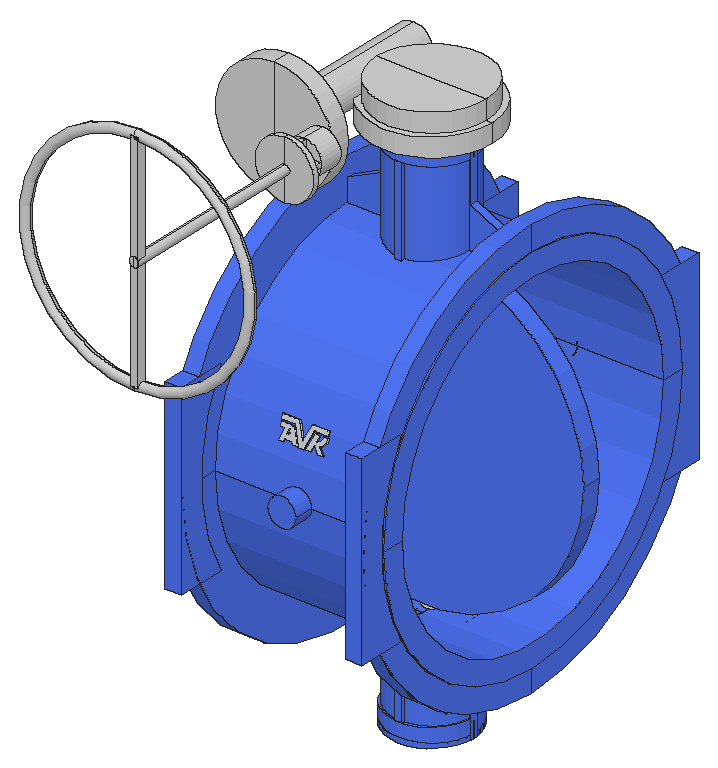
Revit family "756-122-143-DN700-1200", category Pipe Accessories, Revit 2019
Family settings
  Round Connector Dimension = Use Diameter
  Part Type = Valve - Breaks Into
  Work Plane-Based = No
  Always vertical = Yes
  Cut with Voids When Loaded = No
  Shared = No
Parameters (values of type "DN0700_PN10")
  W5 = size_lookup(Search_table, "W5", 0.00 mm, DN)  # 1191.00 mm
  W2_ref = size_lookup(Search_table, "W2_Ref", 0.00 mm, DN)  # 125.00 mm
  W2_Ref_2 = W2_ref / 2  # 62.50 mm
  Rib_dia = size_lookup(Search_table, "Rib_Dia", 0.00 mm, DN) / 2  # 37.50 mm
  Offset = size_lookup(Search_table, "Offset", 0.00 mm, DN)  # 3.00 mm
  HW_Height = W5 - (HW_Dia / 2)  # 1181.00 mm
  HW_Dia = 20.00 mm  # constant formula
  HW_Connecting rod ref = D * 2  # 480.00 mm
  GB_Width_Ref = if(DN > 599.00 mm, L / 3, if(DN > 149.00 mm, GB_Width, GB_Width))  # 143.333 mm
  GB_Width_3 = size_lookup(Search_table, "GB_Width", 0.00 mm, DN) / 2  # 130.00 mm
  GB_HW = size_lookup(Search_table, "GB_HW", 0.00 mm, DN) / 2  # 95.00 mm
  Disc_width = if(DN > 999.00 mm, 50.00 mm, if(DN > 699.00 mm, 40.00 mm, if(DN > 499.00 mm, 35.00 mm, if(DN > 399.00 mm, 25.00 mm, if(DN > 349.00 mm, 20.00 mm, if(DN > 249.00 mm, 15.00 mm, if(DN > 149.00 mm, 10.00 mm, 10.00 mm)))))))  # 40.00 mm
  Disc_Dia = size_lookup(Search_table, "Disc_Dia", 0.00 mm, DN)  # 684.00 mm
  DN1000-PN16 = "756-1000-1-1402200048"
  DN1000-PN10 = "756-1000-1-0402200048"
  DN900-PN16 = "756-0900-1-1402200048"
  DN1200-PN16 = "756-1200-1-1402200048"
  DN1200-PN10 = "756-1200-1-0402200048"
  D = (size_lookup(Search_table, "D", 0.00 mm, DN) / 2) - (HW_Dia / 2)  # 240.00 mm
  C_Rod = if(DN > 999.00 mm, 48.00 mm, if(DN > 699.00 mm, 38.00 mm, if(DN > 499.00 mm, 33.00 mm, if(DN > 399.00 mm, 23.00 mm, if(DN > 349.00 mm, 18.00 mm, if(DN > 249.00 mm, 13.00 mm, if(DN > 149.00 mm, 9.00 mm, 9.00 mm)))))))  # 38.00 mm
  C = size_lookup(Search_table, "C", 0.00 mm, DN)  # 255.00 mm
  W4 = size_lookup(Search_table, "W4", 0.00 mm, DN)  # 537.00 mm
  W3 = size_lookup(Search_table, "W3", 0.00 mm, DN)  # 527.00 mm
  W2 = size_lookup(Search_table, "W2", 0.00 mm, DN)  # 846.00 mm
  W1 = size_lookup(Search_table, "W1", 0.00 mm, DN)  # 448.00 mm
  URL_product_pages = "https://www.avkvalves.com/P.aspx?no=756070010402200048"
  Rib_width_2 = Gear_box_Mount_Flange_width * 2  # 180.00 mm
  Rib_width = L - (Flange_Thickness * 2)  # 350.00 mm
  Rib_height_2 = H1 - Flange_OD  # 127.75 mm
  Rib_depth = if(DN > 149.00 mm, 15.00 mm, if(DN > 299.00 mm, 15.00 mm, if(DN > 399.00 mm, 20.00 mm, 20.00 mm)))  # 15.00 mm
  Rib_height = Flange_OD / 1.1  # 406.818 mm
  Rf_Dia = size_lookup(Search_table, "RF_Dia", 0.00 mm, DN) / 2  # 397.00 mm
  RF_Cut_Thickness = 5.00 mm  # constant formula
  Pin_width = L / 2  # 215.00 mm
  Pin_dia = 60.00 mm
  Pin_Depth = (DN + size_lookup(Search_table, "Flange_OD", 0.00 mm, DN)) / 2  # 797.50 mm
  L2 = size_lookup(Search_table, "L2", 0.00 mm, DN)  # 130.00 mm
  L1 = size_lookup(Search_table, "L1", 0.00 mm, DN)  # 124.00 mm
  L = size_lookup(Search_table, "L", 0.00 mm, DN)  # 430.00 mm
  ID (Radius) = DN / 2  # 350.00 mm
  H3 = size_lookup(Search_table, "H3", 0.00 mm, DN)  # 566.00 mm
  H2 = size_lookup(Search_table, "H2", 0.00 mm, DN)  # 565.00 mm
  H1 = B - GB_Dia  # 575.25 mm
  Gear_box_depth = A - Body_wallthickness - 25.00 mm  # 307.00 mm
  GB_Width_2 = GB_Width_3 * 0.9  # 117.00 mm
  GB_Width = C - L / 2  # 40.00 mm
  GB_Flange = 5.00 mm  # constant formula
  GB_Dia = size_lookup(Search_table, "GB_Dia", 0.00 mm, DN) / 2  # 39.75 mm
  Flange_Thickness = size_lookup(Search_table, "Flange_Thickness", 0.00 mm, DN)  # 40.00 mm
  Flange_OD = size_lookup(Search_table, "Flange_OD", 0.00 mm, DN) / 2  # 447.50 mm
  Description_ = "AVK DOUBLE ECC. BUTTERFLY VALVE, LONG"
  DN = 700.00 mm
  Search_table = "756-122-143-DN700-1200"
  Disk_2 = size_lookup(Search_table, "Disk_2", 0.00 mm, DN)  # 25.00 mm
  Disk_1 = size_lookup(Search_table, "Disk_1", 0.00 mm, DN)  # 25.00 mm
  DN900_PN10 = "756-0900-1-0402200048"
  DN800_PN10 = "756-0800-1-0402200048"
  DN800_PN16 = "756-0800-1-1402200048"
  DN700_PN16 = "756-0700-1-1402200048"
  DN700_PN10 = "756-0700-1-0402200048"
  D1 = size_lookup(Search_table, "D1", 0.00 mm, DN) / 2  # 10.00 mm
  Bottom_width = size_lookup(Search_table, "Bottom_width", 0.00 mm, DN)  # 395.00 mm
  Bottom_Depth = DN * 1.5  # 1050.00 mm
  Gear_box_Mount_width = size_lookup(Search_table, "Gear_box_Mount_width", 0.00 mm, DN) / 2  # 85.00 mm
  Gear_box_Mount_Flange_width = size_lookup(Search_table, "Gear_box_Mount_Flange_width", 0.00 mm, DN) / 2  # 90.00 mm
  Body_wallthickness = 10.00 mm  # constant formula
  B = size_lookup(Search_table, "B", 0.00 mm, DN)  # 615.00 mm
  A2 = A / 1.7  # 201.176 mm
  A = size_lookup(Search_table, "A", 0.00 mm, DN)  # 342.00 mm
Types (11, lengths in mm): name | W5 | W2_ref | W2_Ref_2 | Rib_dia | HW_Height | GB_Width_Ref | GB_Width_3 | GB_HW | Disc_width | Disc_Dia | C_Rod | C | W4 | W3 | W2 | W1 | Rib_width_2 | Rib_width | Rib_height_2 | Rib_height | Rf_Dia | Pin_width | Pin_Depth | L2 | L1 | L | ID (Radius) | H3 | H2 | H1 | Gear_box_depth | GB_Width_2 | GB_Width | GB_Dia | Flange_Thickness | Flange_OD | DN | Bottom_width | Bottom_Depth | Gear_box_Mount_width | Gear_box_Mount_Flange_width | B | A2 | A
  (no name) | 1191.00 | 125.00 | 62.50 | 37.50 | 1181.00 | 143.333 | 130.00 | 95.00 | 40.00 | 684.00 | 38.00 | 255.00 | 537.00 | 527.00 | 846.00 | 448.00 | 180.00 | 350.00 | 127.75 | 406.818 | 397.00 | 215.00 | 797.50 | 130.00 | 124.00 | 430.00 | 350.00 | 566.00 | 565.00 | 575.25 | 307.00 | 117.00 | 40.00 | 39.75 | 40.00 | 447.50 | 700.00 | 395.00 | 1050.00 | 85.00 | 90.00 | 615.00 | 201.176 | 342.00
  DN0700_PN16 | 1205.00 | 125.00 | 62.50 | 37.50 | 1195.00 | 143.333 | 130.00 | 95.00 | 40.00 | 684.00 | 38.00 | 297.00 | 537.00 | 527.00 | 850.00 | 455.00 | 180.00 | 350.00 | 120.25 | 413.636 | 397.00 | 215.00 | 805.05 | 130.00 | 124.00 | 430.00 | 350.05 | 566.00 | 565.00 | 575.25 | 307.00 | 117.00 | 82.00 | 39.75 | 40.00 | 455.00 | 700.10 | 427.00 | 1050.15 | 85.00 | 90.00 | 615.00 | 201.176 | 342.00
  DN0800_PN10 | 1229.00 | 204.00 | 102.00 | 40.00 | 1219.00 | 156.667 | 140.00 | 155.00 | 40.00 | 786.50 | 38.00 | 347.00 | 635.00 | 626.00 | 920.00 | 508.00 | 180.00 | 390.00 | 162.00 | 461.364 | 450.00 | 235.00 | 907.50 | 161.00 | 155.00 | 470.00 | 400.00 | 650.00 | 635.00 | 669.50 | 434.00 | 126.00 | 112.00 | 47.50 | 40.00 | 507.50 | 800.00 | 460.00 | 1200.00 | 85.00 | 90.00 | 717.00 | 275.882 | 469.00
  DN0800_PN16 | 1263.00 | 204.00 | 102.00 | 40.00 | 1253.00 | 156.667 | 140.00 | 155.00 | 40.00 | 786.50 | 38.00 | 317.00 | 635.00 | 626.00 | 920.00 | 513.00 | 180.00 | 390.00 | 157.00 | 465.909 | 450.00 | 235.00 | 912.55 | 161.00 | 155.00 | 470.00 | 400.05 | 650.00 | 635.00 | 669.50 | 434.00 | 126.00 | 82.00 | 47.50 | 40.00 | 512.50 | 800.10 | 492.00 | 1200.15 | 85.00 | 90.00 | 717.00 | 275.882 | 469.00
  DN0900_PN10 | 1308.00 | 204.00 | 102.00 | 40.00 | 1298.00 | 170.00 | 155.00 | 175.00 | 40.00 | 886.50 | 38.00 | 337.00 | 729.00 | 721.00 | 990.00 | 558.00 | 200.00 | 420.00 | 157.00 | 506.818 | 500.00 | 255.00 | 1007.50 | 191.00 | 185.00 | 510.00 | 450.00 | 701.00 | 705.00 | 714.50 | 434.00 | 139.50 | 82.00 | 52.50 | 45.00 | 557.50 | 900.00 | 524.00 | 1350.00 | 95.00 | 100.00 | 767.00 | 275.882 | 469.00
  DN0900-PN16 | 1284.00 | 204.00 | 102.00 | 40.00 | 1274.00 | 170.00 | 155.00 | 175.00 | 40.00 | 886.50 | 38.00 | 367.00 | 729.00 | 721.00 | 990.00 | 563.00 | 200.00 | 420.00 | 152.50 | 510.909 | 500.00 | 255.00 | 1012.05 | 191.00 | 185.00 | 510.00 | 450.05 | 701.00 | 705.00 | 714.50 | 434.00 | 139.50 | 112.00 | 52.50 | 45.00 | 562.00 | 900.10 | 556.00 | 1350.15 | 95.00 | 100.00 | 767.00 | 275.882 | 469.00
  DN1000-PN10 | 1492.00 | 204.00 | 102.00 | 40.00 | 1482.00 | 183.333 | 175.00 | 203.50 | 50.00 | 986.00 | 48.00 | 306.00 | 822.00 | 814.00 | 1086.00 | 615.00 | 220.00 | 450.00 | 167.00 | 559.091 | 556.00 | 275.00 | 1115.00 | 221.00 | 215.00 | 550.00 | 500.00 | 771.00 | 785.00 | 782.00 | 434.00 | 157.50 | 31.00 | 55.00 | 50.00 | 615.00 | 1000.00 | 588.00 | 1500.00 | 105.00 | 110.00 | 837.00 | 275.882 | 469.00
  DN1000-PN16 | 1505.00 | 204.00 | 102.00 | 40.00 | 1495.00 | 183.333 | 175.00 | 203.50 | 50.00 | 986.00 | 48.00 | 306.00 | 822.00 | 814.00 | 1086.00 | 628.00 | 220.00 | 450.00 | 154.50 | 570.455 | 556.00 | 275.00 | 1127.55 | 221.00 | 215.00 | 550.00 | 500.05 | 771.00 | 785.00 | 782.00 | 434.00 | 157.50 | 31.00 | 55.00 | 50.00 | 627.50 | 1000.10 | 620.00 | 1500.15 | 105.00 | 110.00 | 837.00 | 275.882 | 469.00
  DN1200-PN10 | 1605.00 | 204.00 | 102.00 | 40.00 | 1595.00 | 210.00 | 195.00 | 260.00 | 50.00 | 1172.50 | 48.00 | 346.00 | 993.00 | 985.00 | 1171.00 | 728.00 | 250.00 | 510.00 | 169.50 | 661.364 | 666.00 | 315.00 | 1327.50 | 274.00 | 268.00 | 630.00 | 600.00 | 899.00 | 874.00 | 897.00 | 470.00 | 175.50 | 31.00 | 60.00 | 60.00 | 727.50 | 1200.00 | 653.00 | 1800.00 | 120.00 | 125.00 | 957.00 | 297.059 | 505.00
  DN1200-PN16 | 1620.00 | 204.00 | 102.00 | 40.00 | 1610.00 | 210.00 | 195.00 | 260.00 | 50.00 | 1172.50 | 48.00 | 346.00 | 993.00 | 985.00 | 1171.00 | 743.00 | 250.00 | 510.00 | 154.50 | 675.00 | 666.00 | 315.00 | 1342.55 | 274.00 | 268.00 | 630.00 | 600.05 | 899.00 | 874.00 | 897.00 | 470.00 | 175.50 | 31.00 | 60.00 | 60.00 | 742.50 | 1200.10 | 685.00 | 1800.15 | 120.00 | 125.00 | 957.00 | 297.059 | 505.00
  DN0700_PN10 | 1191.00 | 125.00 | 62.50 | 37.50 | 1181.00 | 143.333 | 130.00 | 95.00 | 40.00 | 684.00 | 38.00 | 255.00 | 537.00 | 527.00 | 846.00 | 448.00 | 180.00 | 350.00 | 127.75 | 406.818 | 397.00 | 215.00 | 797.50 | 130.00 | 124.00 | 430.00 | 350.00 | 566.00 | 565.00 | 575.25 | 307.00 | 117.00 | 40.00 | 39.75 | 40.00 | 447.50 | 700.00 | 395.00 | 1050.00 | 85.00 | 90.00 | 615.00 | 201.176 | 342.00
Reference planes
  plane 1 "Center (Front/Back)": y = 0
  plane 2: z = 0
  plane 3 "Center (Left/Right)": x = 0
  plane 4: y = 350
  plane 5: y = 360
  plane 6: x = 215
  plane 7: x = 175
  plane 8: x = -175
  plane 9: x = -215
  plane 10: z = 575.25
  plane 11: x = 90
  plane 12: z = 535.25
  plane 13: z = -575.25
  plane 14: x = 90
  plane 15: z = -535.25
  plane 16: x = 85
  plane 17: x = 90
  plane 18: x = -90
  plane 19: z = 575.25
  plane 20: z = 447.5
  plane 21: z = 350
  plane 22: x = 175
  plane 23: x = -175
  plane 24: z = 406.818
  plane 25: y = 7.5
  plane 26: y = -7.5
  plane 27: x = 90
  plane 28: x = -90
  plane 29: z = -575.25
  plane 30: z = -447.5
  plane 31: z = -350
  plane 32: x = 175
  plane 33: x = -175
  plane 34: z = -406.818
  plane 35: y = 90
  plane 36: y = -90
  plane 37: x = -7.5
  plane 38: x = 7.5
  plane 39: y = -172
  plane 40: z = -565
  plane 41: x = 85
  plane 42: y = 350
  plane 43: y = -350
  plane 44: y = 398.75
  plane 45: y = -398.75
  plane 46: z = 846
  plane 47: z = 615
  plane 48: y = -342
  plane 49: x = -40
  plane 50: z = 652.5
  plane 51: x = -35
  plane 52: x = -45
  plane 53: z = 620
  plane 54: z = 610
  plane 55: x = -2.5
  plane 56: x = -77.5
  plane 57: z = 577.5
  plane 58: x = -143.333
  plane 59: y = 20
  plane 60: y = -20
  plane 61: z = 57.131
  plane 62: z = -57.131
  plane 63: z = 496.332
  plane 64: z = 492.509
  plane 65: z = -268.5
  plane 66: z = -263.5
  plane 67: z = 263.5
  plane 68: y = -743
  plane 69: y = 448
  plane 70: y = -733
  plane 71: z = 268.5
Forms (mm)
  Revolve 1, solid, material "Plastic"
    sketch origin (0, 0, 0) x (1, 0, 0) y (0, 1, 0)
      loop
        line (-175, 360) -> (-175, 447.5) -> (-215, 447.5) -> (-215, 350) -> (215, 350) -> (215, 447.5) -> (175, 447.5) -> (175, 360) -> (-175, 360)
      axis (-215, 0) -> (215, 0)
    angle from 0 to 360
  Revolve 2, solid, material "Plastic"
    sketch origin (0, 0, 0) x (1, 0, 0) y (0, 0, 1)
      loop
        line (85, 535.25) -> (90, 535.25) -> (90, 575.25) -> (0, 575.25) -> (0, 350) -> (85, 350) -> (85, 535.25)
      axis (0, 575.25) -> (0, 350)
    angle from 0 to 360
  Revolve 3, solid, material "Plastic"
    sketch origin (0, 0, 0) x (1, 0, 0) y (0, 0, -1)
      loop
        line (85, 350) -> (85, 535.25) -> (90, 535.25) -> (90, 575.25) -> (0, 575.25) -> (0, 350) -> (85, 350)
      axis (0, 575.25) -> (0, 350)
    angle from 0 to 360
  Revolve 4, solid, material "Plastic"
    sketch origin (0, 0, 0) x (1, 0, 0) y (0, 0, 1)
      loop
        line (0, -575.25) -> (90, -575.25) -> (90, -565) -> (0, -565) -> (0, -575.25)
      axis (0, -575.25) -> (0, -565)
    angle from 0 to 360
  Extrusion 5, solid, material "Plastic"
    sketch origin (0, 0, 0) x (1, 0, 0) y (0, 0, 1)
      loop
        line (90, 575.25) -> (-90, 575.25) -> (-90, 447.5) -> (-175, 406.818) -> (-175, 350) -> (175, 350) -> (175, 406.818) -> (90, 447.5) -> (90, 575.25)
    from -7.5 to 7.5
  Extrusion 6, solid, material "Plastic"
    sketch origin (0, 0, 0) x (1, 0, 0) y (0, 0, 1)
      loop
        line (90, -575.25) -> (90, -447.5) -> (175, -406.818) -> (175, -350) -> (-175, -350) -> (-175, -406.818) -> (-90, -447.5) -> (-90, -575.25) -> (90, -575.25)
    from -7.5 to 7.5
  Extrusion 7, solid, material "Plastic"
    sketch origin (0, 0, 0) x (0, 1, 0) y (0, 0, 1)
      loop
        line (90, 535.25) -> (-90, 535.25) -> (-90, -535.25) -> (90, -535.25) -> (90, 535.25)
    from -7.5 to 7.5
  Extrusion 8, void
    sketch origin (0, 0, 0) x (0, 1, 0) y (0, 0, 1)
      loop
        circle (0, 0) r 350
    from -215 to 215
  Extrusion 9, solid, material "Plastic"
    sketch origin (0, 0, 0) x (1, 0, 0) y (0, 0, 1)
      loop
        circle (0, 0) r 30
    from -398.75 to -350
  Extrusion 10, solid, material "Plastic"
    sketch origin (0, 0, 0) x (1, 0, 0) y (0, 0, 1)
      loop
        circle (0, 0) r 30
    from 398.75 to 350
  Revolve 11, void
    sketch origin (0, 0, 0) x (1, 0, 0) y (0, 0, 1)
      loop
        line (215, 566) -> (210, 566) -> (210, 397) -> (215, 397) -> (215, 566)
      loop
        line (-215, 566) -> (-215, 397) -> (-210, 397) -> (-210, 566) -> (-215, 566)
      axis (-215, 0) -> (215, 0)
    angle from 0 to 360
  Extrusion 12, solid, material "Stainless Steel AISI 304"
    sketch origin (0, 0, 0) x (1, 0, 0) y (0, 0, 1)
      loop
        line (-45, 652.5) -> (-45, 620) -> (-77.5, 620) -> (-77.5, 610) -> (-45, 610) -> (-45, 577.5) -> (-35, 577.5) -> (-35, 610) -> (-2.5, 610) -> (-2.5, 620) -> (-35, 620) -> (-35, 652.5) -> (-45, 652.5)
    from 291.588 to 332
  Revolve 13, solid, material "Stainless Steel AISI 304"
    sketch origin (0, 0, 0) x (1, 0, 0) y (0, 0, 1)
      loop
        line (0, 575.25) -> (130, 575.25) -> (130, 615) -> (0, 615) -> (0, 575.25)
      axis (0, 575.25) -> (0, 615)
    angle from 0 to 360
  Revolve 14, solid, material "Stainless Steel AISI 304"
    sketch origin (0, 0, 0) x (1, 0, 0) y (0, 0, 1)
      loop
        line (0, 615) -> (117, 615) -> (117, 654.75) -> (0, 654.75) -> (0, 615)
      axis (0, 615) -> (0, 654.75)
    angle from 0 to 360
  Revolve 15, solid, material "Stainless Steel AISI 304"
    sketch origin (-40, -1524, 167.638) x (0, 0, -1) y (0, -1, 0)
      loop
        line (-509.862, -1192) -> (-447.362, -1192) -> (-447.362, -1182) -> (-509.862, -1182) -> (-509.862, -1192)
      axis (-447.362, -1192) -> (-447.362, -1182)
    angle from 0 to 360
  Revolve 16, solid, material "Stainless Steel AISI 304"
    sketch origin (-40, -1524, 167.638) x (0, 0, -1) y (0, -1, 0)
      loop
        line (-485.987, -1282.824) -> (-447.362, -1282.824) -> (-447.362, -1232.412) -> (-485.987, -1232.412) -> (-485.987, -1282.824)
      axis (-447.362, -1282.824) -> (-447.362, -1232.412)
    angle from 0 to 360
  Revolve 17, solid, material "Stainless Steel AISI 304"
    sketch origin (-143.333, -1524, 508) x (0, 0, 1) y (0, -1, 0)
      loop
        line (107, -1654) -> (107, -1322.824) -> (67.25, -1322.824) -> (67.25, -1654) -> (107, -1654)
      axis (107, -1654) -> (107, -1322.824)
    angle from 0 to 360
  Revolve 18, solid, material "Stainless Steel AISI 304"
    sketch origin (-143.333, -1524, 508) x (0, 0, 1) y (0, -1, 0)
      loop
        line (107, -1322.824) -> (232, -1322.824) -> (232, -1282.824) -> (107, -1282.824) -> (107, -1322.824)
      axis (107, -1322.824) -> (107, -1282.824)
    angle from 0 to 360
  Revolve 19, solid, material "Stainless Steel AISI 304"
    sketch origin (-40, -1524, 167.638) x (0, 0, -1) y (0, -1, 0)
      loop
        line (-447.362, -1182) -> (-447.362, -781) -> (-457.362, -781) -> (-457.362, -1182) -> (-447.362, -1182)
      axis (-447.362, -1182) -> (-447.362, -781)
    angle from 0 to 360
  Extrusion 20, solid, material "Plastic(1)"
    sketch origin (0, 0, 0) x (1, 0, 0) y (0, 0, 1)
      loop
        circle (-3, 0) r 342
    from -20 to 20
  Extrusion 21, solid
    sketch origin (0, 0, 0) x (1, 0, 0) y (0, 1, 0)
      loop
        circle (0, 0) r 19
    from -565 to 575.25
  Extrusion 22, solid, material "Plastic"
    sketch origin (-40, -1524, 167.638) x (0, 0, -1) y (0, -1, 0)
      loop
        line (365.138, -1076) -> (-29.862, -1076) -> (-29.862, -1179.613)
        arc (-29.862, -1179.613) -> (167.638, -1127) -> (365.138, -1179.613) r 397
        line (365.138, -1179.613) -> (365.138, -1076)
      loop
        line (365.138, -1972) -> (365.138, -1868.387)
        arc (365.138, -1868.387) -> (167.638, -1921) -> (-29.862, -1868.387) r 397
        line (-29.862, -1868.387) -> (-29.862, -1972) -> (365.138, -1972)
    from 135 to 170
  Extrusion 23, solid, material "Plastic"
    sketch origin (-40, -1524, 167.638) x (0, 0, -1) y (0, -1, 0)
      loop
        line (-29.862, -1868.387) -> (-29.862, -1972) -> (365.138, -1972) -> (365.138, -1868.387)
        arc (365.138, -1868.387) -> (167.638, -1921) -> (-29.862, -1868.387) r 397
      loop
        line (-29.862, -1076) -> (-29.862, -1179.613)
        arc (-29.862, -1179.613) -> (167.638, -1127) -> (365.138, -1179.613) r 397
        line (365.138, -1179.613) -> (365.138, -1076) -> (-29.862, -1076)
    from -250 to -215
  Revolve 24, solid, material "Stainless Steel AISI 304"
    sketch origin (-40, -1524, 167.638) x (0, 0, -1) y (0, -1, 0)
      loop
        circle (-687.362, -791) r 10
      axis (-447.362, -791) -> (-447.362, -790)
    angle from 0 to 360
  Extrusion 25, solid, material "Stainless Steel AISI 304"
    sketch origin (0, 0, 0) x (1, 0, 0) y (0, 0, 1)
      loop
        line (-47.5, 855) -> (-47.5, 375) -> (-32.5, 375) -> (-32.5, 855) -> (-47.5, 855)
    from 723 to 743
Cuts and joins
  Extrusion 8, Revolve 11 cuts Revolve 1
  Extrusion 8 cuts Extrusion 7
Dimensions and locks
  equal spacing: plane 9, plane 3 "Center (Left/Right)", plane 6
  "L": plane 9 to plane 6
  "ID (Radius)": plane 4 to plane 1 "Center (Front/Back)"
  "Body_wallthickness": plane 5 to plane 4
  "Flange_Thickness": plane 7 to plane 6
  "Flange_Thickness": plane 9 to plane 8
  "Flange_OD": plane 1 "Center (Front/Back)" to Revolve 1 sketch curve
  "Flange_Thickness": plane 10 to plane 12
  "ID (Radius)": Revolve 2 sketch curve to level
  "Gear_box_Mount_Flange_width": plane 3 "Center (Left/Right)" to plane 11
  "Flange_Thickness": plane 13 to plane 15
  "H1": level to plane 13
  "ID (Radius)": level to Revolve 3 sketch curve
  "Gear_box_Mount_Flange_width": Revolve 4 sketch curve to Revolve 4 sketch curve
  "ID (Radius)": plane 21 to level
  "H1": plane 19 to level
  "Gear_box_Mount_Flange_width": plane 3 "Center (Left/Right)" to plane 17
  "Gear_box_Mount_Flange_width": plane 18 to plane 3 "Center (Left/Right)"
  "Rib_height": plane 24 to level
  equal spacing: plane 25, plane 1 "Center (Front/Back)", plane 26
  "Rib_depth": plane 25 to plane 26
  equal spacing: plane 22, plane 3 "Center (Left/Right)", plane 23
  "Rib_width": plane 22 to plane 23
  "Rib_height_2": plane 19 to plane 20
  "Rib_height_2": plane 29 to plane 30
  "Rib_height": level to plane 34
  "Gear_box_Mount_Flange_width": plane 28 to plane 3 "Center (Left/Right)"
  "Gear_box_Mount_Flange_width": plane 3 "Center (Left/Right)" to plane 27
  "ID (Radius)": level to plane 31
  "H1": level to plane 29
  equal spacing: plane 32, plane 3 "Center (Left/Right)", plane 33
  "Rib_width": plane 32 to plane 33
  equal spacing: plane 35, plane 1 "Center (Front/Back)", plane 36
  equal spacing: plane 37, plane 3 "Center (Left/Right)", plane 38
  "Rib_depth": plane 37 to plane 38
  "Rib_width_2": plane 35 to plane 36
  locked: plane 1 "Center (Front/Back)" to plane 39 at 172
  "H2": level to Revolve 4 sketch curve
  "H2": level to plane 40
  "Gear_box_Mount_width": plane 41 to plane 3 "Center (Left/Right)"
  "Gear_box_Mount_width": plane 3 "Center (Left/Right)" to plane 16
  "Gear_box_Mount_Flange_width": plane 3 "Center (Left/Right)" to plane 14
  "H2": Extrusion 9 sketch curve to Revolve 4
  equal spacing: plane 42, plane 1 "Center (Front/Back)", plane 43
  "DN": plane 42 to plane 43
  equal spacing: plane 44, plane 1 "Center (Front/Back)", plane 45
  "Pin_Depth": plane 44 to plane 45
  "Rf_Dia": Revolve 11 sketch curve to level
  "RF_Cut_Thickness": Revolve 11 sketch curve to Revolve 11 sketch curve  (x2)
  "H3": Revolve 11 sketch curve to level
  "W2": plane 46 to level
  "H1": plane 10 to level
  "B": plane 47 to level
  "A": plane 1 "Center (Front/Back)" to plane 48
  "GB_Width_3": Revolve 13 sketch curve to Revolve 13 sketch curve
  "GB_Width_2": Revolve 14 sketch curve to plane 3 "Center (Left/Right)"
  equal spacing: Revolve 14 sketch curve, plane 47, Revolve 13
  "GB_Width": plane 3 "Center (Left/Right)" to plane 49
  "Body_wallthickness": Revolve 15 sketch curve to Revolve 15 sketch curve
  equal spacing: plane 51, plane 49, plane 52
  equal spacing: plane 55, plane 49, plane 56
  equal spacing: plane 53, plane 47, plane 54
  "Body_wallthickness": plane 53 to plane 54
  equal spacing: plane 50, plane 47, plane 57
  "Body_wallthickness": plane 51 to plane 52
  "Rib_dia": plane 49 to plane 56
  "Rib_dia": plane 50 to plane 47
  cut or joined group of Revolve 1, Extrusion 8, Revolve 11 to cut or joined group of Revolve 1, Extrusion 8, Revolve 11 = 430.00 mm
  "C": plane 49 to cut or joined group of Revolve 1, Extrusion 8, Revolve 11
  "GB_Width_Ref": plane 3 "Center (Left/Right)" to plane 58
  "GB_Width_3": Revolve 17 sketch curve to plane 1 "Center (Front/Back)"
  "Flange_Thickness": Revolve 17 to Revolve 18 sketch curve
  "D1": Revolve 19 sketch curve to Revolve 19 sketch curve
  "Offset": plane 3 "Center (Left/Right)" to Extrusion 20 sketch curve
  equal spacing: plane 59, plane 1 "Center (Front/Back)", plane 60
  "Disc_width": plane 59 to plane 60
  equal spacing: plane 42, Extrusion 21 sketch curve, plane 43
  equal spacing: cut or joined group of Revolve 1, Extrusion 8, Revolve 11, plane 3 "Center (Left/Right)", cut or joined group of Revolve 1, Extrusion 8, Revolve 11
  Extrusion 20 to cut or joined group of Revolve 1, Extrusion 8, Revolve 11 = 130.00 mm
  cut or joined group of Revolve 1, Extrusion 8, Revolve 11 to Extrusion 20 = 124.00 mm
  "A2": plane 1 "Center (Front/Back)" to Revolve 17 sketch curve
  equal spacing: Revolve 18, Revolve 16, Revolve 15
  "W2_ref": Revolve 18 sketch curve to Revolve 13
  equal spacing: Revolve 14, Revolve 16 sketch curve, Extrusion 12
  "W2_Ref_2": Revolve 15 sketch curve to plane 47
  plane 1 "Center (Front/Back)" to plane 68 = 743.00 mm
  equal spacing: Extrusion 22 sketch curve, level, Extrusion 22 sketch curve  (x2)
  "W1": Extrusion 22 sketch curve to plane 1 "Center (Front/Back)"
  "W1": plane 1 "Center (Front/Back)" to Extrusion 22 sketch curve
  "Bottom_width": Extrusion 22 sketch curve to Extrusion 22 sketch curve  (x2)
  "W1": plane 69 to plane 1 "Center (Front/Back)"
  "W5": plane 69 to plane 68
  "HW_Height": plane 69 to Revolve 24 sketch curve
  "D": Revolve 24 sketch curve to plane 47
  equal spacing: Extrusion 25 sketch curve, plane 49, Extrusion 25 sketch curve
  "Rib_depth": Extrusion 25 sketch curve to Extrusion 25 sketch curve
  equal spacing: Extrusion 25 sketch curve, plane 47, Extrusion 25 sketch curve
  "HW_Connecting rod ref": Extrusion 25 sketch curve to Extrusion 25 sketch curve
  "HW_Height": plane 69 to plane 70
  "HW_Dia": Extrusion 25 to plane 68
  equal spacing: plane 71, level, plane 65
  equal spacing: plane 67, level, plane 66
  "W4": plane 71 to plane 65
  "W3": plane 67 to plane 66
  "Pin_dia": diameter of Extrusion 9 sketch curve
  "Disc_Dia": diameter of Extrusion 20 sketch curve
  "C_Rod": diameter of Extrusion 21 sketch curve
  "HW_Dia": diameter of Revolve 24 sketch curve
  aligned and locked: level to plane 2
  aligned and locked: Revolve 1 sketch curve to plane 4
  aligned and locked: plane 5 to Revolve 1 sketch curve
  aligned and locked: Revolve 1 sketch curve to plane 6
  aligned and locked: Revolve 1 sketch curve to plane 7
  aligned and locked: Revolve 1 sketch curve to plane 8
  aligned and locked: Revolve 1 sketch curve to plane 9
  aligned and locked: Revolve 1 sketch curve to Revolve 1 sketch curve
  aligned and locked: plane 1 "Center (Front/Back)" to Revolve 1 sketch curve
  aligned and locked: Revolve 2 sketch curve to Revolve 2 sketch curve
  aligned and locked: plane 10 to Revolve 2 sketch curve
  aligned and locked: Revolve 2 sketch curve to plane 11  (x2)
  aligned and locked: plane 12 to Revolve 2 sketch curve
  aligned and locked: Revolve 2 sketch curve to plane 3 "Center (Left/Right)"
  aligned and locked: Revolve 3 sketch curve to plane 14
  aligned and locked: plane 13 to Revolve 3 sketch curve
  aligned and locked: Revolve 4 sketch curve to Revolve 3
  aligned and locked: Revolve 4 sketch curve to plane 3 "Center (Left/Right)"  (x2)
  aligned and locked: Extrusion 5 sketch curve to plane 17  (x2)
  aligned and locked: Extrusion 5 sketch curve to plane 19
  aligned and locked: Extrusion 5 sketch curve to plane 18  (x2)
  aligned and locked: plane 19 to Extrusion 5 sketch curve
  aligned and locked: Extrusion 5 sketch curve to plane 20
  aligned and locked: plane 20 to Extrusion 5 sketch curve
  aligned and locked: Extrusion 5 sketch curve to plane 24
  aligned and locked: plane 22 to Extrusion 5 sketch curve  (x2)
  aligned and locked: plane 24 to Extrusion 5 sketch curve
  aligned and locked: plane 23 to Extrusion 5 sketch curve  (x2)
  aligned and locked: plane 21 to Extrusion 5 sketch curve
  aligned and locked: Extrusion 5 to plane 25
  aligned and locked: Extrusion 5 to plane 26
  aligned and locked: Extrusion 6 sketch curve to plane 27  (x2)
  aligned and locked: plane 32 to Extrusion 6 sketch curve  (x2)
  aligned and locked: plane 33 to Extrusion 6 sketch curve  (x2)
  aligned and locked: plane 31 to Extrusion 6 sketch curve  (x2)
  aligned and locked: Extrusion 6 sketch curve to plane 34
  aligned and locked: plane 28 to Extrusion 6 sketch curve  (x2)
  aligned and locked: plane 30 to Extrusion 6 sketch curve  (x2)
  aligned and locked: plane 29 to Extrusion 6 sketch curve  (x2)
  aligned and locked: plane 34 to Extrusion 6 sketch curve
  aligned and locked: plane 35 to Extrusion 7 sketch curve
  aligned and locked: Extrusion 7 sketch curve to plane 36
  aligned and locked: Extrusion 7 sketch curve to Revolve 2
  aligned and locked: Extrusion 7 to plane 38
  aligned and locked: Extrusion 7 to plane 37
  aligned and locked: Extrusion 8 sketch curve to Revolve 1  (x2)
  aligned and locked: Revolve 2 sketch curve to plane 41  (x2)
  aligned and locked: plane 16 to Revolve 3 sketch curve
  aligned and locked: plane 15 to Revolve 3 sketch curve  (x2)
  aligned and locked: Revolve 3 sketch curve to plane 3 "Center (Left/Right)"  (x2)
  aligned and locked: Revolve 3 sketch curve to Revolve 3 sketch curve
  aligned and locked: plane 14 to Revolve 3 sketch curve
  aligned and locked: Extrusion 9 to plane 42
  aligned and locked: Extrusion 10 sketch curve to Extrusion 9  (x2)
  aligned and locked: plane 43 to Extrusion 10
  aligned and locked: Extrusion 9 to plane 44
  aligned and locked: plane 45 to Extrusion 10
  aligned and locked: Revolve 11 sketch curve to cut or joined group of Revolve 1, Extrusion 8, Revolve 11  (x2)
  aligned and locked: Revolve 11 sketch curve to Revolve 11 sketch curve  (x2)
  aligned and locked: Revolve 11 sketch curve to plane 2
  aligned and locked: Extrusion 8 to Revolve 1  (x2)
  aligned and locked: plane 47 to Revolve 13 sketch curve
  aligned and locked: plane 3 "Center (Left/Right)" to Revolve 13 sketch curve
  aligned and locked: Revolve 14 sketch curve to plane 3 "Center (Left/Right)"
  aligned and locked: Revolve 14 sketch curve to Revolve 13
  aligned and locked: Revolve 14 sketch curve to Revolve 14 sketch curve
  aligned and locked: plane 48 to Revolve 15 sketch curve
  aligned and locked: Revolve 15 sketch curve to Revolve 15 sketch curve
  aligned and locked: plane 52 to Extrusion 12 sketch curve  (x4)
  aligned and locked: Extrusion 12 sketch curve to plane 50  (x2)
  aligned and locked: plane 51 to Extrusion 12 sketch curve  (x4)
  aligned and locked: Extrusion 12 sketch curve to plane 53  (x3)
  aligned and locked: Extrusion 12 sketch curve to plane 55  (x2)
  aligned and locked: Extrusion 12 sketch curve to plane 54  (x3)
  aligned and locked: Extrusion 12 sketch curve to plane 57  (x2)
  aligned and locked: plane 56 to Extrusion 12 sketch curve  (x2)
  aligned and locked: plane 54 to Extrusion 12 sketch curve
  aligned and locked: plane 53 to Extrusion 12 sketch curve
  aligned and locked: Extrusion 12 to Revolve 15
  aligned and locked: Revolve 13 sketch curve to Revolve 2
  aligned and locked: Revolve 16 sketch curve to plane 47
  aligned and locked: Revolve 16 sketch curve to Revolve 16 sketch curve
  aligned and locked: Revolve 16 to Extrusion 12
  aligned and locked: Revolve 17 sketch curve to Revolve 13  (x2)
  aligned and locked: Revolve 17 sketch curve to Revolve 17 sketch curve
  aligned and locked: Revolve 18 sketch curve to Revolve 17
  aligned and locked: Revolve 18 sketch curve to plane 47
  aligned and locked: Revolve 18 sketch curve to Revolve 18 sketch curve
  aligned and locked: Revolve 18 to Revolve 16 sketch curve
  aligned and locked: plane 47 to Revolve 19 sketch curve
  aligned and locked: Revolve 15 to Revolve 19 sketch curve
  aligned and locked: Revolve 19 sketch curve to Revolve 19 sketch curve
  aligned and locked: Extrusion 20 to plane 59
  aligned and locked: Extrusion 20 to plane 60
  aligned and locked: cut or joined group of Extrusion 7, Extrusion 8 to Revolve 3
  aligned and locked: Revolve 2 to Extrusion 21
  aligned and locked: Extrusion 21 to Revolve 4
  aligned and locked: plane 3 "Center (Left/Right)" to nested 1
  aligned and locked: plane 47 to Revolve 15 sketch curve
  aligned and locked: cut or joined group of Revolve 1, Extrusion 8, Revolve 11 to Extrusion 22
  aligned and locked: Extrusion 22 to cut or joined group of Revolve 1, Extrusion 8, Revolve 11
  aligned and locked: Extrusion 22 sketch curve to cut or joined group of Revolve 1, Extrusion 8, Revolve 11  (x2)
  aligned and locked: Extrusion 23 sketch curve to Extrusion 22  (x8)
  aligned and locked: Extrusion 23 to cut or joined group of Revolve 1, Extrusion 8, Revolve 11  (x2)
  aligned and locked: Revolve 19 sketch curve to plane 68
  aligned and locked: Revolve 24 sketch curve to plane 47
  aligned and locked: plane 68 to Extrusion 25
Automatic sketch dimensions
  Revolve 16 sketch curve to Revolve 16 sketch curve = 50.412 mm
  Revolve 16 sketch curve to Revolve 16 sketch curve = 17.023 mm
  plane 39 to Revolve 16 sketch curve = 20.50 mm
  Revolve 1 sketch curve to plane 58 = 8.333 mm
  Revolve 1 sketch curve to plane 38 = 19.183 mm
  Revolve 2 sketch curve to Revolve 2 sketch curve = 35.25 mm
  plane 67 to Revolve 2 sketch curve = 32.564 mm
  Revolve 3 sketch curve to Revolve 3 sketch curve = 35.25 mm
  Revolve 3 sketch curve to Revolve 3 sketch curve = 46.25 mm
  Revolve 4 sketch curve to Revolve 4 sketch curve = 25.50 mm
  Revolve 4 sketch curve to Revolve 4 sketch curve = 15.00 mm
  plane 40 to Extrusion 7 sketch curve = 29.75 mm
  Extrusion 9 sketch curve to plane 3 "Center (Left/Right)" = 0.00 mm
  Revolve 13 sketch curve to plane 3 "Center (Left/Right)" = 0.00 mm
  Revolve 13 sketch curve to Revolve 13 sketch curve = 10.50 mm
  Revolve 13 sketch curve to Revolve 13 sketch curve = 15.00 mm
  Revolve 14 sketch curve to Revolve 14 sketch curve = 3.578 mm
  Revolve 14 sketch curve to Revolve 14 sketch curve = 4.704 mm
  Revolve 15 sketch curve to Revolve 15 sketch curve = 2.702 mm
  Revolve 15 sketch curve to Revolve 15 sketch curve = 2.298 mm
  Revolve 17 sketch curve to plane 59 = 7.50 mm
  Revolve 17 sketch curve to Revolve 17 sketch curve = 47.50 mm
  Revolve 18 sketch curve to Revolve 18 sketch curve = 5.00 mm
  Revolve 18 sketch curve to plane 45 = 6.985 mm
  Revolve 19 sketch curve to plane 48 = 4.275 mm
  Revolve 19 sketch curve to Revolve 19 sketch curve = 351.726 mm
  Extrusion 20 sketch curve to level = 0.00 mm
  Extrusion 21 sketch curve to plane 3 "Center (Left/Right)" = 0.00 mm
  plane 39 to Revolve 24 sketch curve = 8.00 mm
  Revolve 24 sketch curve to plane 39 = 22.00 mm
  Revolve 11 sketch curve to plane 37 = 0.50 mm
  Revolve 11 sketch curve to plane 38 = 42.50 mm
Nested families
  nested 1: "LOGO 100" at (0, -346.201, 98.718) x (1, 0, 0) z (0, -0.9617, 0.2742), type "LOGO 100"
Connectors
  piping at (-215, 0, 0), diameter 700, driven by "DN"
    settings: on Revolve 1, index 1, connector inside diameter 609.6 mm, connector length 0.00 mm, flow factor 0, pipe flow 0.0 L/s, pressure drop 0.0 Pa, fitting loss kfactor 0, connector angle 0.00°, fixture units 0, engagement length 0.00 mm, angle of deflection 0.00°, flow configuration 0, flow direction 0, fitting loss method 0, system type 7, joint type 0, gender type 0, connector reference index -1, connector utility 0, adjustable connector no, is connector primary yes, connector description ""
  piping at (215, 0, 0), diameter 700, driven by "DN"
    settings: on Revolve 1, index 2, connector inside diameter 609.6 mm, connector length 0.00 mm, flow factor 0, pipe flow 0.0 L/s, pressure drop 0.0 Pa, fitting loss kfactor 0, connector angle 0.00°, fixture units 0, engagement length 0.00 mm, angle of deflection 0.00°, flow configuration 0, flow direction 0, fitting loss method 0, system type 7, joint type 0, gender type 0, connector reference index -1, connector utility 0, adjustable connector no, is connector primary no, connector description ""
Definition of nested family "LOGO 100"
  Parameters (values of type "LOGO 100")
    Default Elevation = 1219.20 mm
    DN100 = yes
  Reference planes
    plane 1 "Center (Front/Back)": y = 0
    plane 2: z = 0
    plane 3 "Center (Left/Right)": x = 0
  Forms (mm)
    Extrusion 1, solid
      sketch origin (0, 0, 0) x (1, 0, 0) y (0, 1, 0)
        loop
          line (-1219.2, 1219.2) -> (-1219.2, -1219.2) -> (1219.2, -1219.2) -> (1219.2, 1219.2) -> (-1219.2, 1219.2)
      from 0 to -304.8
    Extrusion 2, solid, visible <- "DN100"
      sketch origin (0, 0, 0) x (1, 0, 0) y (0, 1, 0)
        loop
          line (-13.414, 47.067) -> (-49.421, 47.067) -> (-49.421, 37.301) -> (-20.11, 37.301) -> (-4.923, 0) -> (4.923, 0) -> (20.11, 37.301) -> (49.421, 37.301) -> (49.421, 47.067) -> (13.414, 47.067) -> (0, 14.12) -> (-13.414, 47.067)
        loop
          line (-49.421, 24.122) -> (-40.161, 24.122) -> (-49.421, 0) -> (-38.959, 0) -> (-36.972, 5.177) -> (-21.641, 5.177) -> (-19.533, 0) -> (-8.989, 0) -> (-22.642, 33.536) -> (-49.421, 33.536) -> (-49.421, 24.122)
        loop
          line (-34.548, 14.12) -> (-25.282, 14.12) -> (-30.051, 25.833) -> (-34.548, 14.12)
        loop
          line (22.642, 33.536) -> (8.989, 0) -> (19.533, 0) -> (24.902, 13.186) -> (34.838, 0) -> (47.067, 0) -> (35.829, 14.914)
          arc (35.829, 14.914) -> (42.384, 18.149) -> (46.597, 24.122) r 14.826
          line (46.597, 24.122) -> (49.421, 24.122) -> (49.421, 33.536) -> (40.007, 33.536)
          arc (40.007, 33.536) -> (36.577, 25.039) -> (28.208, 21.306) r 12.238
          line (28.208, 21.306) -> (33.187, 33.536) -> (22.642, 33.536)
      from 0 to 1
  Dimensions and locks
    aligned and locked: plane 2 to Extrusion 1
    aligned and locked: level to Extrusion 1
